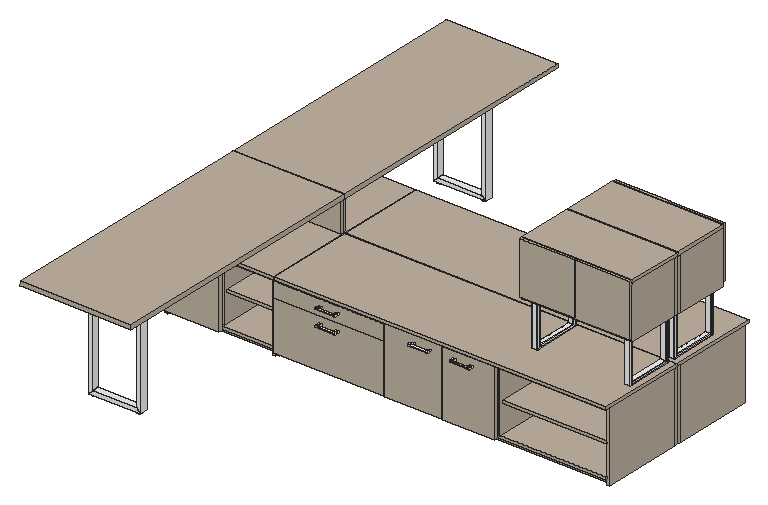
Revit family "VL021family", category Furniture, Revit 2015 (continued)
Definition of nested family "JSI-Vision-Rectangle_Desk_Top"
  Automatic sketch dimensions
    Extrusion 1 sketch curve to Extrusion 1 sketch curve = 0' - 0.11811"
    plane 6 to Extrusion 1 sketch curve = 0' - 0.11811"
Definition of nested family "JSI-Vision-U_Base_for_Peninsula_Tops"
  Parameters (values of type "U Base for Peninsula Tops - Type Catalog Family")
    Width = 0' - 0"
    URL = "www.jsifurniture.com"
    Type Comments = ""
    Series = "VISION CASEGOODS"  # constant formula
    Model = "18US"
    Material = ""
    Manufacturer = "JSI"  # constant formula
    Keynote = "12500"
    JSI Enviromental Website = "http://www.jsifurniture.com/jsi_sustainability_intro.php"
    Height = 2' - 6"
    Glides = none
    Base Finish = none
    Description = "U Base for Peninsula Tops, use with 30” deep tops, 18US - Stardust Silver"
    Depth-Base = 1' - 6"
    Depth = 0' - 0"
    Assembly Code = "E2020200"
  Reference planes (in)
    plane 1 "Center Front/Back": y = 0
    plane 2: z = 0
    plane 3 "Center Left/Right": x = 0
    plane 4: z = 0
    plane 5: z = 30
    plane 6: x = -2.5
    plane 7: x = 2.5
    plane 8: y = 9
    plane 9: y = -9
  Forms (in)
    Extrusion 1, solid, material <- "Base Finish"
      sketch origin (0, 0, 0) x (1, 0, 0) y (0, 1, 0)
        loop
          line (-2.5, 9) -> (-2.5, -9) -> (2.5, -9) -> (2.5, 9) -> (-2.5, 9)
      from 28.5788029 to 28.8125
    Extrusion 2, solid, material <- "Base Finish"
      sketch origin (0, 0, -0.285264) x (0, 1, 0) y (0, 0, 1)
        loop
          line (-7, 28.8640668) -> (-7, 0.5463125) -> (-6, 1.5463125) -> (-6, 28.8640668) -> (-7, 28.8640668)
        loop
          line (7, 28.8640668) -> (6, 28.8640668) -> (6, 1.5463125) -> (7, 0.5463125) -> (7, 28.8640668)
        loop
          line (-7, 0.535264) -> (7, 0.535264) -> (6, 1.535264) -> (-6, 1.535264) -> (-7, 0.535264)
      from -1 to 1
    Extrusion 3, solid, material <- "Glides", detail levels medium+fine
      sketch origin (0, 0, 0) x (1, 0, 0) y (0, 1, 0)
        loop
          circle (0, 6) r 0.75
      from 0 to 0.25
    Extrusion 4, solid, material <- "Glides", detail levels medium+fine
      sketch origin (0, 0, 0) x (1, 0, 0) y (0, 1, 0)
        loop
          circle (0, -6) r 0.75
      from 0 to 0.25
  Lines and regions (in)
    symbolic lines
      curve 1: line (-2.5, 9, 0) -> (2.5, 9, 0)
      curve 2: line (-2.5, -9, 0) -> (-2.5, 9, 0)
      curve 3: line (2.5, -9, 0) -> (-2.5, -9, 0)
      curve 4: line (2.5, 9, 0) -> (2.5, -9, 0)
      curve 5: line (-1, 7, 0) -> (1, 7, 0)
      curve 6: line (-1, -7, 0) -> (-1, 7, 0)
      curve 7: line (1, -7, 0) -> (-1, -7, 0)
      curve 8: line (1, 7, 0) -> (1, -7, 0)
  Dimensions and locks (in)
    "Height": plane 5 to plane 4
    "Depth-Base": plane 9 to plane 8
    equal spacing: plane 9, plane 1 "Center Front/Back", plane 8
    equal spacing: Extrusion 2, plane 3 "Center Left/Right", Extrusion 2
    Extrusion 2 to Extrusion 2 = 0' - 2"
    locked: plane 8 to Extrusion 2 at 2
    locked: plane 9 to Extrusion 2 at 2
    locked: Extrusion 2 to Extrusion 2 at 1  (x2)
    level to Extrusion 2 = 0' - 0 1/4"
    aligned and locked: level to plane 2
    aligned and locked: plane 8 to Extrusion 1
    aligned and locked: plane 9 to Extrusion 1
    aligned and locked: plane 6 to Extrusion 1  (x2)
    aligned and locked: plane 7 to Extrusion 1  (x2)
    aligned and locked: Extrusion 4 to Extrusion 2
    aligned and locked: Extrusion 3 to Extrusion 2
    aligned and locked: Extrusion 3 to level
    aligned and locked: Extrusion 4 to level
    aligned and locked: Extrusion 2 to Extrusion 1  (x2)
    aligned and locked: curve 1 to Extrusion 1
    aligned and locked: curve 2 to Extrusion 1
    aligned and locked: curve 3 to Extrusion 1
    aligned and locked: curve 4 to Extrusion 1
    aligned and locked: curve 5 to Extrusion 2
    aligned and locked: curve 6 to Extrusion 2
    aligned and locked: curve 7 to Extrusion 2
    aligned and locked: curve 8 to Extrusion 2
  Automatic sketch dimensions
    Extrusion 1 sketch curve to plane 6 = 0' - 0"
    Extrusion 1 sketch curve to plane 7 = 0' - 0"
    plane 9 to Extrusion 1 sketch curve = 0' - 0"
    Extrusion 1 sketch curve to plane 8 = 0' - 0"
    Extrusion 2 sketch curve to Extrusion 2 sketch curve = 0' - 0"  (x4)
    level to Extrusion 2 sketch curve = 0' - 0 1/4"
    Extrusion 2 sketch curve to Extrusion 2 sketch curve = 0' - 0.01105"  (x4)
    Extrusion 2 sketch curve to Extrusion 2 sketch curve = 0' - 0.98895"
    Extrusion 2 sketch curve to plane 5 = 0' - 1.4212"  (x2)
    Extrusion 3 sketch curve to plane 3 "Center Left/Right" = 0' - 0"
    Extrusion 4 sketch curve to plane 3 "Center Left/Right" = 0' - 0"
    Extrusion 2 sketch curve to plane 9 = 0' - 3"
    Extrusion 2 sketch curve to Extrusion 2 sketch curve = 0' - 1"  (x2)
    plane 9 to Extrusion 4 sketch curve = 0' - 3"
    Extrusion 2 sketch curve to plane 8 = 0' - 3"
    Extrusion 3 sketch curve to plane 8 = 0' - 3"
    curve 3 to plane 6 = 0' - 0"
    radius of Extrusion 3 sketch curve = 0' - 0 3/4"
    radius of Extrusion 4 sketch curve = 0' - 0 3/4"
Definition of nested family "JSI-Vision_Bench_Height_T_Sup"
  Parameters (values of type "Bench Height T Support - Type Catalog Family")
    Chassis = none
    Width = 1' - 11 5/8"
    URL = "www.jsifurniture.com"
    Type Comments = ""
    Series = "VISION CASEGOODS"  # constant formula
    Model = "VLB1024TSP"
    Material = ""
    Manufacturer = "JSI"  # constant formula
    Keynote = "12500"
    JSI Enviromental Website = "http://www.jsifurniture.com/jsi_sustainability_intro.php"
    Height = 0' - 8 5/16"
    Grommet Finish = none
    Description = "Bench Height \"T\" Supports, Depth 9 3/4\"”, Width 23 5/8\"”,Height 8 5/16\"”, Laminate Worksurface"
    Depth = 0' - 9 3/4"
    Assembly Code = "E2020200"
  Reference planes (in)
    plane 1: z = 0
    plane 2 "Center (Left/Right)": x = -36.0641344
    plane 3: z = 8.3125
    plane 4: y = 1
    plane 5 "Center (Front/Back)": y = 10.75
    plane 6: x = -24.2516344
    plane 7: x = -12.4391344
    plane 8: z = 6.9211195
    plane 9: y = 10
    plane 10: y = 8
    plane 11: z = 6.875
    plane 12: x = -23.8766344
    plane 13: x = -24.6266344
  Forms (in)
    Extrusion 1, solid, material <- "Chassis"
      sketch origin (0, 10.75, 0) x (1, 0, 0) y (0, 0, 1)
        loop
          line (-36.0641344, 8.3125) -> (-36.0641344, 0) -> (-12.4391344, 0) -> (-12.4391344, 8.3125) -> (-22.2719669, 8.3125) -> (-22.2719669, 7.1711195)
          arc (-22.2719669, 7.1711195) -> (-22.3451902, 6.9943428) -> (-22.5219669, 6.9211195) r 0.25
          line (-22.5219669, 6.9211195) -> (-25.981302, 6.9211195)
          arc (-25.981302, 6.9211195) -> (-26.1580787, 6.9943428) -> (-26.231302, 7.1711195) r 0.25
          line (-26.231302, 7.1711195) -> (-26.231302, 8.3125) -> (-36.0641344, 8.3125)
      from 0 to 0.75
    Extrusion 2, solid, material <- "Chassis"
      sketch origin (-36.0641344, 0, 0) x (0, 1, 0) y (0, 0, 1)
        loop
          line (10, 6.875) -> (8.25, 6.875)
          arc (8.25, 6.875) -> (8.0732233, 6.9482233) -> (8, 7.125) r 0.25
          line (8, 7.125) -> (8, 8.3125) -> (1, 8.3125) -> (1, 0) -> (10, 0) -> (10, 6.875)
      from 11.4375 to 12.1875
  Lines and regions (in)
    symbolic lines
      curve 1: line (-12.4391344, 10.75, 0) -> (-36.0641344, 10.75, 0)
      curve 2: line (-36.0641344, 10.75, 0) -> (-36.0641344, 10, 0)
      curve 3: line (-36.0641344, 10, 0) -> (-12.4391344, 10, 0)
      curve 4: line (-12.4391344, 10, 0) -> (-12.4391344, 10.75, 0)
      curve 5: line (-24.6266344, 10, 0) -> (-24.6266344, 1, 0)
      curve 6: line (-23.8766344, 1, 0) -> (-23.8766344, 10, 0)
      curve 7: line (-24.6266344, 1, 0) -> (-23.8766344, 1, 0)
  Dimensions and locks (in)
    "Height": plane 3 to level
    "Depth": plane 5 "Center (Front/Back)" to plane 4
    equal spacing: plane 2 "Center (Left/Right)", plane 6, plane 7
    "Width": plane 2 "Center (Left/Right)" to plane 7
    locked: plane 3 to plane 8 at 1.3913805
    locked: plane 5 "Center (Front/Back)" to plane 9 at 0.75
    locked: plane 3 to plane 11 at 1.4375
    locked: plane 5 "Center (Front/Back)" to plane 10 at 2.75
    plane 12 to plane 6 to plane 13 = 0' - 0 3/8" locked, 0' - 0 3/8" locked
    Extrusion 1 sketch curve to plane 6 to Extrusion 1 sketch curve = 0' - 1.97967" locked, 0' - 1.97967" locked
    locked: nested 1 to plane 6 at 1.8900002
    aligned and locked: level to plane 1
    aligned and locked: plane 8 to Extrusion 1 sketch curve
    aligned and locked: plane 3 to Extrusion 1 sketch curve
    aligned and locked: Extrusion 1 sketch curve to plane 3
    aligned and locked: Extrusion 1 sketch curve to plane 2 "Center (Left/Right)"
    aligned and locked: Extrusion 1 sketch curve to plane 7
    aligned and locked: Extrusion 1 sketch curve to level
    aligned and locked: Extrusion 1 to plane 9
    aligned and locked: Extrusion 1 to plane 5 "Center (Front/Back)"
    aligned and locked: Extrusion 2 sketch curve to plane 9
    aligned and locked: Extrusion 2 sketch curve to plane 3
    aligned and locked: plane 4 to Extrusion 2 sketch curve
    aligned and locked: level to Extrusion 2 sketch curve
    aligned and locked: Extrusion 2 sketch curve to plane 10
    aligned and locked: Extrusion 2 sketch curve to plane 11
    aligned and locked: plane 12 to Extrusion 2
    aligned and locked: Extrusion 2 to plane 13
    aligned and locked: curve 1 to Extrusion 1
    aligned and locked: curve 2 to Extrusion 1
    aligned and locked: curve 3 to Extrusion 1
    aligned and locked: curve 4 to Extrusion 1
    aligned and locked: curve 5 to Extrusion 2
    aligned and locked: curve 6 to Extrusion 2
    aligned and locked: curve 7 to Extrusion 2
    aligned and locked: plane 3 to nested 1
  Automatic sketch dimensions
    Extrusion 2 sketch curve to Extrusion 2 sketch curve = 0' - 0 1/4"
    Extrusion 1 sketch curve to Extrusion 1 sketch curve = 0' - 0 1/4"  (x2)
    curve 1 to plane 2 "Center (Left/Right)" = 0' - 0"
    plane 5 "Center (Front/Back)" to curve 1 = 0' - 0"
    curve 1 to plane 7 = 0' - 0"
    curve 2 to plane 9 = 0' - 0"
    curve 5 to plane 13 = 0' - 0"
    curve 6 to plane 4 = 0' - 0"
    curve 6 to plane 12 = 0' - 0"
  Nested families (in)
    nested 1: "Side Grommet" at (-24.2516344, 10.7500008, 6.9036998) x (0, -1, 0) z (0, 0, 1), Gromett Finish <- "Grommet Finish", type "Side Grommet"
      with Gromett Finish none
  Definition of nested family "Side Grommet"
    Parameters
      Gromett Finish [instance] = none
    Reference planes (in)
      plane 1 "Center Front/Back": y = 0
      plane 2: z = 0
      plane 3 "Center Left/Right": x = 0
      plane 4: x = -0.0499992
      plane 5: x = 0.8125
    Forms (in)
      Sweep 1, solid, material <- "Gromett Finish"
        path origin (0, 0, 0) x (0, 1, 0) y (0, 0, 1)
          loop
            line (2.0937501, 1.4088002) -> (2.0937501, 0.2762508)
            arc (2.0937501, 0.2762508) -> (1.9853793, 0.0146207) -> (1.7237492, -0.09375) r 0.3700008
            line (1.7237492, -0.09375) -> (-1.7237501, -0.09375)
            arc (-1.7237501, -0.09375) -> (-1.9853796, 0.0146205) -> (-2.0937501, 0.27625) r 0.37
            line (-2.0937501, 0.27625) -> (-2.0937501, 1.4088002)
        profile origin (0, 2.0937501, 0.8425255) x (1, 0, 0) y (0, 1, 0)
          loop
            arc (0, 0) -> (-0.0352472, -0.0135301) -> (-0.0499992, -0.0482837) r 0.0483131
            line (-0.0499992, -0.0482837) -> (-0.0499992, -0.2037499) -> (0, -0.2037499) -> (0, 0)
      Extrusion 2, solid, material <- "Gromett Finish"
        sketch origin (0, 0, 0) x (0, 1, 0) y (0, 0, 1)
          loop
            line (1.8743999, 1.2994499) -> (-1.87435, 1.2994499) -> (-1.87435, 0.3095608)
            arc (-1.87435, 0.3095608) -> (-1.8194325, 0.1769783) -> (-1.68685, 0.1220608) r 0.1875
            line (-1.68685, 0.1220608) -> (-1.37435, 0.1220608) -> (-1.37435, 0.8720055)
            arc (-1.37435, 0.8720055) -> (-1.3377384, 0.9603938) -> (-1.2493501, 0.9970054) r 0.125
            line (-1.2493501, 0.9970054) -> (1.2493999, 0.9970054)
            arc (1.2493999, 0.9970054) -> (1.3377883, 0.9603938) -> (1.3743999, 0.8720054) r 0.1250001
            line (1.3743999, 0.8720054) -> (1.3743999, 0.1220608) -> (1.6868999, 0.1220608)
            arc (1.6868999, 0.1220608) -> (1.8194824, 0.1769783) -> (1.8743999, 0.3095608) r 0.1875
            line (1.8743999, 0.3095608) -> (1.8743999, 1.2994499)
          loop
            line (1.3504, 0.1220608) -> (1.3504, 0.8720608)
            arc (1.3504, 0.8720608) -> (1.3208178, 0.9434785) -> (1.2494001, 0.9730606) r 0.1009998
            line (1.2494001, 0.9730606) -> (-1.2493501, 0.9730606)
            arc (-1.2493501, 0.9730606) -> (-1.3207677, 0.9434785) -> (-1.3503499, 0.8720608) r 0.1009998
            line (-1.3503499, 0.8720608) -> (-1.3503499, 0.1220608) -> (-0.2499752, 0.1220608) -> (-0.2499752, 0.3720608)
            arc (-0.2499752, 0.3720608) -> (0.0000249, 0.6220609) -> (0.250025, 0.3720608) r 0.2500001
            line (0.250025, 0.3720608) -> (0.250025, 0.1220608) -> (1.3504, 0.1220608)
        from -0.0499992 to 0
      Extrusion 3, solid, material <- "Gromett Finish"
        sketch origin (0, 0, 0) x (0, 1, 0) y (0, 0, 1)
          loop
            line (-1.8900002, 1.4088002) -> (-1.8900002, 1.3150502) -> (1.8900002, 1.3150502) -> (1.8900002, 1.4088002) -> (-1.8900002, 1.4088002)
        from -0.0499992 to 0.8125
    Dimensions and locks (in)
      aligned and locked: level to plane 2
      aligned and locked: plane 4 to Sweep 1
      aligned and locked: plane 4 to Extrusion 2
      aligned and locked: plane 3 "Center Left/Right" to Extrusion 2
      aligned and locked: Sweep 1 to Extrusion 3 sketch curve
      aligned and locked: Extrusion 3 sketch curve to Sweep 1
      aligned and locked: plane 4 to Extrusion 3
      aligned and locked: Extrusion 3 to plane 5
